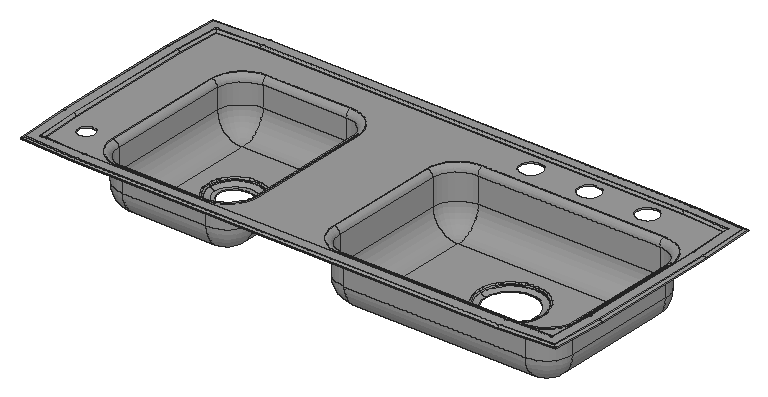
Revit family "equip-sink-clsrm-elkay-dbl-lustrtne-l", category Plumbing Fixtures, Revit 2019
Family settings
  Round Connector Dimension = Use Radius
  Part Type = Normal
  OmniClass Number = 23.45.05.14.14.27
  OmniClass Title = Service Sinks
  Work Plane-Based = Yes
  Always vertical = Yes
  Cut with Voids When Loaded = No
  Shared = No
  Room Calculation Point = No
Parameters (values of type "DRKAD371740L")
  URL = "www.elkayusa.com"
  Specification Sheet URL = "http://www.elkayusa.com/cps/rde/xbcr/elkay/01-22G_DRKR(Q)3717_DRKAD(Q)3717.pdf"
  Sink Width = 1' - 5"
  Sink Material = Metal - Steel - Stainless - Chrome
  Sink Length = 3' - 1 1/4"
  Sink Ledge Sides Width = 0' - 4"
  Sink Ledge Right Width Hidden = if(Sink Ledge Right Width > 0' 1 1/2", Sink Ledge Right Width, 0' 1 1/2")  # 0' - 1 1/2"
  Sink Ledge Right Width = if(Right Faucet   Left Bubbler, 0' 1 1/2", 0' 4 1/2")  # 0' - 1 1/2"
  Sink Ledge Left Width Hidden = if(Sink Ledge Left Width > 0' 1 1/2", Sink Ledge Left Width, 0' 1 1/2")  # 0' - 4 1/2"
  Sink Ledge Left Width = if(Left Faucet   Right Bubbler, 0' 1 1/2", 0' 4 1/2")  # 0' - 4 1/2"
  Sink Ledge Front Width Hidden = if(Sink Ledge Front Width > 0' 1 1/2", Sink Ledge Front Width, 0' 1 1/2")  # 0' - 1 1/2"
  Sink Ledge Front Width = 0' - 1 1/2"
  Sink Ledge Back Width Right Hidden = if(Right Bowl Ledge Back Width > 0' 1 1/2", Right Bowl Ledge Back Width, 0' 1 1/2")  # 0' - 4"
  Sink Ledge Back Width Left Hidden = if(Left Bowl Ledge Back Width > 0' 1 1/2", Left Bowl Ledge Back Width, 0' 1 1/2")  # 0' - 3 1/2"
  Right Bowl Ledge Back Width = 0' - 4"
  Right Faucet   Left Bubbler = yes
  Right Faucet Hole Top = if(Right Faucet   Left Bubbler, 0' 0 1/2", 0' 0 1/8")  # 0' - 0 1/2"
  Right Bowl Depth = 0' - 4"
  Left Faucet Hole Top = if(Left Faucet   Right Bubbler, 0' 0 1/2", 0' 0 1/8")  # 0' - 0 1/8"
  Left Edge to CL Partition = if(Right Faucet   Left Bubbler, 1' 4 3/4", (0' 1 1/2" + 1' 4" + (Partition Width / 2)))  # 1' - 4 3/4"
  Left Bowl Width = (Sink Width - Sink Ledge Front Width - Left Bowl Ledge Back Width)  # 1' - 0"
  Left Bowl Drain Location = 0' - 6"
  Left Bowl Depth = 0' - 3 5/8"
  Equal Sized Bowl Formula = ((Sink Length - Sink Ledge Left Width - Sink Ledge Right Width - Partition Width) / 2)  # 1' - 0 5/8"
  Sanitary Flow Rate = 10 GPM
  Partition Width = 0' - 6"
  OmniClass Title = "Service Sinks"
  OmniClass Code = "23.45.05.14.14.27"
  Sanitary Nominal Radius = Sanitary Nominal Dia / 2  # 0' - 0 3/4"
  Sanitary Nominal Dia = 0' - 1 1/2"
  Model = "DRKAD3717L"
  Minimum Cabinet Width = ""
  MasterFormat Title = "Commercial Sinks"
  MasterFormat Number = "22.42.16.16"
  Manufacturer = "Elkay Manufacturing"
  Left Faucet   Right Bubbler = not(Right Faucet   Left Bubbler)  # no
  Installation Sheet URL = ""
  Right Bowl Drain Location = 0' - 5"
  Description = "Lustertone Classroom Double Bowl Sink"
  Default Elevation = 3' - 0"
  Deep Specification Sheet URL = ""
  Date Created = "2011-05-05"
  Left Bowl Length = (Sink Length - Right Bowl Length - Sink Ledge Left Width - Partition Width - Sink Ledge Right Width)  # 0' - 9 1/4"
  Right Bowl Length = ((Sink Length - Left Edge to CL Partition - Sink Ledge Right Width) - (Partition Width / 2))  # 1' - 4"
  Right Bowl Width = (Sink Width - Sink Ledge Front Width - Right Bowl Ledge Back Width)  # 0' - 11 1/2"
  Left Bowl Ledge Back Width = 0' - 3 1/2"
  Assembly Code = "D2010410"
Types (2): name | Right Bowl Depth | Model | Right Bowl Drain Location | Description | Default Elevation | Date Created
  DRKR3717L | 0' - 7 5/8" | "DRKR3717L" | 0' - 5 3/4" | "Lustertone Double Bowl Sink" | 4' - 0" | "2011-04-23"
  DRKAD371740L | 0' - 4" | "DRKAD3717L" | 0' - 5" | "Lustertone Classroom Double Bowl Sink" | 3' - 0" | "2011-05-05"
Reference planes (in)
  plane 1 "CL Sink Hole": y = -0.5
  plane 2 "Sink Deck": z = 0
  plane 3 "Center (Left/Right)": x = 0
  plane 4 "Basin Edge Left": x = -14.125
  plane 5 "Basin Edge Right": x = 17.125
  plane 6 "Back Right Bowl Edge": y = 4.5
  plane 7 "Basin Edge Front": y = -7
  plane 8 "Left": x = -18.625
  plane 9 "Right": x = 18.625
  plane 10 "Back": y = 8.5
  plane 11 "Front": y = -8.5
  plane 12 "Sink Angle Back Corner": y = 8.3125
  plane 13 "Sink Angle Right Corner": x = 18.4375
  plane 14 "Sink Angle Right": x = 14.625
  plane 15 "Sink Angle Back": y = 4.5
  plane 16 "Sink Angle Left": x = -14.625
  plane 17 "Sink Angle Left Corner": x = -18.4375
  plane 18 "Sink Angle Front Corner": y = -8.3125
  plane 19 "Sink Angle Front": y = -4.5
  plane 20 "Edge Opening Right": x = 17.546875
  plane 21 "Edge Opening Left": x = -14.546875
  plane 22 "Sink Bowl Bottom (Top Face)": z = -3.5047681
  plane 23 "Sink Top Piece Bottom Face": z = -0.0625
  plane 24 "Left Sink Bottom Piece Right Edge": x = -6.5625
  plane 25 "Top Radius Corner Prot": z = -0.421875
  plane 26: z = -1.8172681
  plane 27 "Sink Bowl Bottom (Bottom Face)": z = -3.5672681
  plane 28 "Left Sink Bottom Piece Left Edge": x = -12.4375
  plane 29 "Sink Bottom Piece Right Edge": x = 15.4375
  plane 30 "Sink Bottom Piece Back Edge": y = 2.8125
  plane 31 "Sink Bottom Piece Front Edge": y = -5.3125
  plane 32 "Center (Front/Back)": y = 0
  plane 33 "CL PARTITION": x = -1.875
  plane 34 "LEFT BOWL RIGHT EDGE": x = -4.875
  plane 35 "RIGHT BOWL LEFT EDGE": x = 1.125
  plane 36 "Sink Bottom Piece Left Edge": x = 2.8125
  plane 37 "Left Bowl CL Drain": x = -9.5
  plane 38 "Right Bowl CL Drain": x = 9.125
  plane 39 "Left Sink Top Right Radius Out Edge": x = -4.453125
  plane 40 "Edge Opening Front": y = -7.421875
  plane 41 "Right Sink Right Edge Radius": x = 15.375
  plane 42 "Front Edge Bottom Edge Radius": y = -5.25
  plane 43 "Right Sink Left Bottom Edge Radius": x = 2.875
  plane 44 "Back Edge Bottom Edge Radius": y = 2.75
  plane 45 "Middle Right Edge": x = 0.703125
  plane 46 "Back Right Edge Opening": y = 4.921875
  plane 47 "Left Bowl Right Edge Bottom Radius": x = -6.625
  plane 48 "Left Bowl Bottom Edge Radius": x = -12.375
  plane 49 "Masking Region": z = 1.2515695
  plane 50 "Sink Drain Elev Bottom": z = -5.0047681
  plane 51 "Sink Drain Elev Top": z = -4.7547681
  plane 52 "Sink Angle Right Inside Corner": x = 17.6175507
  plane 53 "Sink Angle Back Inside Corner": y = 7.4925507
  plane 54 "Sink Angle Front Inside Corner": y = -7.4925507
  plane 55 "Sink Angle Left Inside Corner": x = -17.6175507
  plane 56 "Sink Angle Right Inside Offset Corner": x = 17.4761143
  plane 57 "Sink Angle Back Inside Offset Corner": y = 7.3511143
  plane 58 "Sink Angle Front Inside Offset Corner": y = -7.3511143
  plane 59 "Sink Angle Inside Offset Corner": x = -17.4761143
  plane 60 "Right Bowl Bottom Top Face": z = -3.8797681
  plane 61 "Right Bowl Bottom Bottom Face": z = -3.9422681
  plane 62 "Right Bowl Bottom Top of Radius": z = -2.1922681
  plane 63 "Right Sink Drain Elev Bottom": z = -5.3797681
  plane 64 "Right Sink Drain Top Elev": z = -5.1297681
  plane 65 "Faucet Hole Bottom": z = -0.25
  plane 66 "Left Faucet Hole Top": z = -0.125
  plane 67 "Faucet Hole CL Front/Back": y = 6.25
  plane 68 "Left Faucet Hole 1": x = -13.5
  plane 69 "Left Faucet Hole 2": x = -9.5
  plane 70 "Left Faucet Hole 3": x = -5.5
  plane 71 "Right Faucet Hole Top": z = 0.25
  plane 72 "Right Faucet Hole 1": x = 5.125
  plane 73 "Right Faucet Hole 2": x = 9.125
  plane 74 "Right Faucet Hole 3": x = 13.125
  plane 75 "Left  Bubbler CL Left/Right": x = -16.125
  plane 76 "Right Bubbler CL Left/Right": x = 16.125
  plane 77 "Bubbler Front CL": y = -5.5
  plane 78 "Back Left Edge Bottom Edge Radius": y = 3.25
  plane 79 "Back Left Bowl Edge": y = 5
  plane 80 "Left Bowl Bottom Piece Back Edge": y = 3.3125
  plane 81 "Back Left Edge Opening": y = 5.421875
  plane 82 "Left Bowl Drain Location": y = -1
  plane 83 "Top of Rim": z = 0.1202319
  plane 84 "Left Bowl Bottom of CSK Top Face": z = -3.795875
Forms (in)
  Extrusion 1, solid, material "Metal - Steel - Stainless - Chrome" <- "Sink Material"
    sketch origin (0, 0, 0) x (1, 0, 0) y (0, 1, 0)
      loop
        arc (-4.453125, 3.25) -> (-5.0892525, 4.7857475) -> (-6.625, 5.421875) r 2.171875
        line (-6.625, 5.421875) -> (-12.375, 5.421875)
        arc (-12.375, 5.421875) -> (-13.9107475, 4.7857475) -> (-14.546875, 3.25) r 2.171875
        line (-14.546875, 3.25) -> (-14.546875, -5.25)
        arc (-14.546875, -5.25) -> (-13.9107475, -6.7857475) -> (-12.375, -7.421875) r 2.171875
        line (-12.375, -7.421875) -> (-6.625, -7.421875)
        arc (-6.625, -7.421875) -> (-5.0892525, -6.7857475) -> (-4.453125, -5.25) r 2.171875
        line (-4.453125, -5.25) -> (-4.453125, 3.25)
      loop
        line (2.875, -7.421875) -> (15.375, -7.421875)
        arc (15.375, -7.421875) -> (16.9107475, -6.7857475) -> (17.546875, -5.25) r 2.171875
        line (17.546875, -5.25) -> (17.546875, 2.75)
        arc (17.546875, 2.75) -> (16.9107475, 4.2857475) -> (15.375, 4.921875) r 2.171875
        line (15.375, 4.921875) -> (2.875, 4.921875)
        arc (2.875, 4.921875) -> (1.3392525, 4.2857475) -> (0.703125, 2.75) r 2.171875
        line (0.703125, 2.75) -> (0.703125, -5.25)
        arc (0.703125, -5.25) -> (1.3392525, -6.7857475) -> (2.875, -7.421875) r 2.171875
      loop
        line (-14.625, 7.4925507) -> (-17.4761143, 7.3511143) -> (-17.6175507, 4.5) -> (-17.6175507, -4.5) -> (-17.4761143, -7.3511143) -> (-14.625, -7.4925507) -> (14.625, -7.4925507) -> (17.4761143, -7.3511143) -> (17.6175507, -4.5) -> (17.6175507, 4.5) -> (17.4761143, 7.3511143) -> (14.625, 7.4925507) -> (-14.625, 7.4925507)
    from -0.0625 to 0
  Extrusion 2, solid, material "Metal - Steel - Stainless - Chrome" <- "Sink Material"
    sketch origin (0, 0, 0) x (1, 0, 0) y (0, 1, 0)
      loop
        arc (-12.4375, -5.25) -> (-12.4191942, -5.2941942) -> (-12.375, -5.3125) r 0.0625
        line (-12.375, -5.3125) -> (-6.625, -5.3125)
        arc (-6.625, -5.3125) -> (-6.5808058, -5.2941942) -> (-6.5625, -5.25) r 0.0625
        line (-6.5625, -5.25) -> (-6.5625, 3.25)
        arc (-6.5625, 3.25) -> (-6.5808058, 3.2941942) -> (-6.625, 3.3125) r 0.0625
        line (-6.625, 3.3125) -> (-12.375, 3.3125)
        arc (-12.375, 3.3125) -> (-12.4191942, 3.2941942) -> (-12.4375, 3.25) r 0.0625
        line (-12.4375, 3.25) -> (-12.4375, -5.25)
      loop
        circle (-9.5, -1) r 1.875
    from -3.5672681 to -3.5047681
  Sweep 3, solid, material "Metal - Steel - Stainless - Chrome" <- "Sink Material"
    path origin (-14.75, 0, -3.5047681) x (-1, 0, 0) y (0, -1, 0)
      loop
        circle (-5.25, 1) r 1.875
    profile "profile-elkay-sink-d36-csk : profile-elkay-sink-d36-csk" origin (-9.5, -2.875, -3.5047681) x (0, 1, 0) y (0, 0, 1)
      loop
        line (0.5, -0.2911069) -> (0.1564602, -0.1343744)
        arc (0.1564602, -0.1343744) -> (0.1424945, -0.125589) -> (0.1313144, -0.1134552) r 0.0625
        line (0.1313144, -0.1134552) -> (0.0881719, -0.0522605)
        arc (0.0881719, -0.0522605) -> (0.0506391, -0.015074) -> (0, 0) r 0.1086
        line (0, 0) -> (0, -0.0461763)
        arc (0, -0.0461763) -> (0.0262058, -0.0541921) -> (0.0464633, -0.0726483) r 0.0625
        line (0.0464633, -0.0726483) -> (0.093406, -0.1396891)
        arc (0.093406, -0.1396891) -> (0.1129384, -0.1609677) -> (0.1373891, -0.1763448) r 0.1086
        line (0.1373891, -0.1763448) -> (0.4916786, -0.3379819) -> (0.8007812, -0.3379819) -> (0.8007812, -0.2911069) -> (0.5, -0.2911069)
  Extrusion 4, solid, material "Metal - Steel - Stainless - Chrome" <- "Sink Material"
    sketch origin (0, 0, 0) x (1, 0, 0) y (0, 1, 0)
      loop
        arc (2.875, 2.8125) -> (2.8308058, 2.7941942) -> (2.8125, 2.75) r 0.0625
        line (2.8125, 2.75) -> (2.8125, -5.25)
        arc (2.8125, -5.25) -> (2.8308058, -5.2941942) -> (2.875, -5.3125) r 0.0625
        line (2.875, -5.3125) -> (15.375, -5.3125)
        arc (15.375, -5.3125) -> (15.4191942, -5.2941942) -> (15.4375, -5.25) r 0.0625
        line (15.4375, -5.25) -> (15.4375, 2.75)
        arc (15.4375, 2.75) -> (15.4191942, 2.7941942) -> (15.375, 2.8125) r 0.0625
        line (15.375, 2.8125) -> (2.875, 2.8125)
      loop
        circle (9.125, -0.5) r 2.25
    from -3.9422681 to -3.8797681
  Sweep 5, solid, material "Metal - Steel - Stainless - Chrome" <- "Sink Material"
    path origin (0, 0, -3.8797681) x (-1, 0, 0) y (0, -1, 0)
      loop
        circle (-9.125, 0.5) r 2.25
    profile "profile-elkay-sink-d4-csk : profile-elkay-sink-d4-csk" origin (9.125, -2.75, -3.8797681) x (0, 1, 0) y (0, 0, 1)
      loop
        line (0.5, -0.2911069) -> (0.1564602, -0.1343744)
        arc (0.1564602, -0.1343744) -> (0.1424945, -0.125589) -> (0.1313144, -0.1134552) r 0.0625
        line (0.1313144, -0.1134552) -> (0.0881719, -0.0522605)
        arc (0.0881719, -0.0522605) -> (0.0506391, -0.015074) -> (0, 0) r 0.1086
        line (0, 0) -> (0, -0.0461763)
        arc (0, -0.0461763) -> (0.0262058, -0.0541921) -> (0.0464633, -0.0726483) r 0.0625
        line (0.0464633, -0.0726483) -> (0.093406, -0.1396891)
        arc (0.093406, -0.1396891) -> (0.1129384, -0.1609677) -> (0.1373891, -0.1763448) r 0.1086
        line (0.1373891, -0.1763448) -> (0.5, -0.3417784) -> (0.5, -0.2911069)
  Sweep 6, solid, material "Metal - Steel - Stainless - Chrome" <- "Sink Material"
    path origin (0, 0, 0) x (1, 0, 0) y (0, 1, 0)
      loop
        line (2.875, -7) -> (15.375, -7)
        arc (15.375, -7) -> (16.6124369, -6.4874369) -> (17.125, -5.25) r 1.75
        line (17.125, -5.25) -> (17.125, 2.75)
        arc (17.125, 2.75) -> (16.6124369, 3.9874369) -> (15.375, 4.5) r 1.75
        line (15.375, 4.5) -> (2.875, 4.5)
        arc (2.875, 4.5) -> (1.6375631, 3.9874369) -> (1.125, 2.75) r 1.75
        line (1.125, 2.75) -> (1.125, -5.25)
        arc (1.125, -5.25) -> (1.6375631, -6.4874369) -> (2.875, -7) r 1.75
    profile origin (9.125, -7, 0) x (0, 1, 0) y (0, 0, 1)
      loop
        arc (0, -0.421875) -> (-0.1235643, -0.1235643) -> (-0.421875, 0) r 0.421875
        line (-0.421875, 0) -> (-0.421875, -0.0625)
        arc (-0.421875, -0.0625) -> (-0.1677585, -0.1677585) -> (-0.0625, -0.421875) r 0.359375
        line (-0.0625, -0.421875) -> (-0.0625, -2.1922681)
        arc (-0.0625, -2.1922681) -> (0.4500631, -3.429705) -> (1.6875, -3.9422681) r 1.75
        line (1.6875, -3.9422681) -> (1.6875, -3.8797681)
        arc (1.6875, -3.8797681) -> (0.4942573, -3.3855108) -> (0, -2.1922681) r 1.6875
        line (0, -2.1922681) -> (0, -0.421875)
  Sweep 7, solid, material "Metal - Steel - Stainless - Chrome" <- "Sink Material"
    path origin (0, 0, 0) x (1, 0, 0) y (0, 1, 0)
      loop
        line (-12.375, -7) -> (-6.625, -7)
        arc (-6.625, -7) -> (-5.3875631, -6.4874369) -> (-4.875, -5.25) r 1.75
        line (-4.875, -5.25) -> (-4.875, 3.25)
        arc (-4.875, 3.25) -> (-5.3875631, 4.4874369) -> (-6.625, 5) r 1.75
        line (-6.625, 5) -> (-12.375, 5)
        arc (-12.375, 5) -> (-13.6124369, 4.4874369) -> (-14.125, 3.25) r 1.75
        line (-14.125, 3.25) -> (-14.125, -5.25)
        arc (-14.125, -5.25) -> (-13.6124369, -6.4874369) -> (-12.375, -7) r 1.75
    profile origin (-9.5, -7, 0) x (0, 1, 0) y (0, 0, 1)
      loop
        arc (0, -0.421875) -> (-0.1235643, -0.1235643) -> (-0.421875, 0) r 0.421875
        line (-0.421875, 0) -> (-0.421875, -0.0625)
        arc (-0.421875, -0.0625) -> (-0.1677585, -0.1677585) -> (-0.0625, -0.421875) r 0.359375
        line (-0.0625, -0.421875) -> (-0.0625, -1.8172681)
        arc (-0.0625, -1.8172681) -> (0.4500631, -3.054705) -> (1.6875, -3.5672681) r 1.75
        line (1.6875, -3.5672681) -> (1.6875, -3.5047681)
        arc (1.6875, -3.5047681) -> (0.4942573, -3.0105108) -> (0, -1.8172681) r 1.6875
        line (0, -1.8172681) -> (0, -0.421875)
  Extrusion 8, solid, material "Glass", not visible
    sketch origin (0, 0, -4.7547681) x (0, -1, 0) y (1, 0, 0)
      loop
        circle (1, -9.5) r 0.75
    from 0 to -0.25
  Extrusion 9, solid, material "Glass", not visible
    sketch origin (0, 0, -4.7547681) x (0, -1, 0) y (1, 0, 0)
      loop
        circle (0.5, 9.125) r 0.75
    from -0.625 to -0.375
  Sweep 10, solid, material "Metal - Steel - Stainless - Chrome" <- "Sink Material"
    path origin (0, 0, 0) x (1, 0, 0) y (0, 1, 0)
      loop
        line (-14.625, -8.5) -> (14.625, -8.5) -> (18.4375, -8.3125) -> (18.625, -4.5) -> (18.625, 4.5) -> (18.4375, 8.3125) -> (14.625, 8.5) -> (-14.625, 8.5) -> (-18.4375, 8.3125) -> (-18.625, 4.5) -> (-18.625, -4.5) -> (-18.4375, -8.3125) -> (-14.625, -8.5)
    profile "profile-elkay-sink-rim-9 : profile-elkay-sink-rim-9" origin (0, -8.5, 0) x (0, 1, 0) y (0, 0, 1)
      loop
        line (0, 0.0163327) -> (0, -0.0360681) -> (0.2039181, 0.0741316) -> (0.8052651, 0.0741316) -> (1.0074493, -0.0546586) -> (1.0074493, 0) -> (0.841093, 0.1059673)
        arc (0.841093, 0.1059673) -> (0.8176388, 0.1165931) -> (0.7921483, 0.1202319) r 0.091102
        line (0.7921483, 0.1202319) -> (0.2153023, 0.1202319)
        arc (0.2153023, 0.1202319) -> (0.1929626, 0.1174506) -> (0.1719868, 0.1092765) r 0.0911081
        line (0.1719868, 0.1092765) -> (0, 0.0163327)
  Extrusion 11, void
    sketch origin (0, 0, 0) x (1, 0, 0) y (0, 1, 0)
      loop
        circle (-13.5, 6.25) r 0.75
    from -0.25 to -0.125
  Extrusion 12, void
    sketch origin (0, 0, 0) x (1, 0, 0) y (0, 1, 0)
      loop
        circle (-9.5, 6.25) r 0.75
    from -0.25 to -0.125
  Extrusion 13, void
    sketch origin (0, 0, 0) x (1, 0, 0) y (0, 1, 0)
      loop
        circle (-5.5, 6.25) r 0.75
    from -0.25 to -0.125
  Extrusion 14, void
    sketch origin (0, 0, 0) x (1, 0, 0) y (0, 1, 0)
      loop
        circle (5.125, 6.25) r 0.75
    from -0.25 to 0.25
  Extrusion 15, void
    sketch origin (0, 0, 0) x (1, 0, 0) y (0, 1, 0)
      loop
        circle (9.125, 6.25) r 0.75
    from -0.25 to 0.25
  Extrusion 16, void
    sketch origin (0, 0, 0) x (1, 0, 0) y (0, 1, 0)
      loop
        circle (13.125, 6.25) r 0.75
    from -0.25 to 0.25
  Extrusion 17, void
    sketch origin (0, 0, 0) x (1, 0, 0) y (0, 1, 0)
      loop
        circle (-16.125, -5.5) r 0.5625
    from -0.25 to 0.25
  Extrusion 18, void
    sketch origin (0, 0, 0) x (1, 0, 0) y (0, 1, 0)
      loop
        circle (16.125, -5.5) r 0.5625
    from -0.25 to -0.125
Cuts and joins
  joined: Extrusion 4, Sweep 5, Sweep 6
  Extrusion 11, Extrusion 12, Extrusion 13, Extrusion 14, Extrusion 15, Extrusion 16, Extrusion 17, Extrusion 18 cuts Extrusion 1
  joined: Extrusion 2, Sweep 3, Sweep 7
Lines and regions (in)
  Masking region 1
    outline origin (0, 0, 1.2515695) x (-1, 0, 0) y (0, -1, 0)
      loop
        line (14.625, -8.5) -> (18.4375, -8.3125) -> (18.625, -4.5) -> (18.625, 4.5) -> (18.4375, 8.3125) -> (14.625, 8.5) -> (-14.625, 8.5) -> (-18.4375, 8.3125) -> (-18.625, 4.5) -> (-18.625, -4.5) -> (-18.4375, -8.3125) -> (-14.625, -8.5) -> (14.625, -8.5)
  reference lines, not visible
    curve 1: line (14.625, 8.5, 0) -> (18.4375, 8.3125, 0)
    curve 2: line (18.4375, 8.3125, 0) -> (18.625, 4.5, 0)
    curve 3: line (-14.625, 8.5, 0) -> (-18.4375, 8.3125, 0)
    curve 4: line (-18.4375, 8.3125, 0) -> (-18.625, 4.5, 0)
    curve 5: line (-18.625, -4.5, 0) -> (-18.4375, -8.3125, 0)
    curve 6: line (-18.4375, -8.3125, 0) -> (-14.625, -8.5, 0)
    curve 7: line (18.625, -4.5, 0) -> (18.4375, -8.3125, 0)
    curve 8: line (18.4375, -8.3125, 0) -> (14.625, -8.5, 0)
    curve 9: arc (-4.875, -0.5, -1.8172681) -> (-5.3692573, -0.5, -3.0105108) -> (-6.5625, -0.5, -3.5047681) r 1.6875
    curve 10: arc (-14.125, -0.5, -1.8172681) -> (-13.6307427, -0.5, -3.0105108) -> (-12.4375, -0.5, -3.5047681) r 1.6875
    curve 11: arc (-4.875, -0.5, -0.421875) -> (-4.7514357, -0.5, -0.1235643) -> (-4.453125, -0.5, 0) r 0.421875
    curve 12: arc (0, -5.3125, -3.5047681) -> (0, -6.5057427, -3.0105108) -> (0, -7, -1.8172681) r 1.6875
    curve 13: arc (0, -7, -0.421875) -> (0, -7.1235643, -0.1235643) -> (0, -7.421875, 0) r 0.421875
    curve 14: arc (15.4375, 2.75, 0) -> (15.4191942, 2.7941942, 0) -> (15.375, 2.8125, 0) r 0.0625
    curve 15: arc (2.8125, 2.75, 0) -> (2.8308058, 2.7941942, 0) -> (2.875, 2.8125, 0) r 0.0625
    curve 16: arc (2.875, -5.3125, 0) -> (2.8308058, -5.2941942, 0) -> (2.8125, -5.25, 0) r 0.0625
    curve 17: arc (15.4375, -5.25, 0) -> (15.4191942, -5.2941942, 0) -> (15.375, -5.3125, 0) r 0.0625
    curve 18: arc (2.875, 4.5, 0) -> (1.6375631, 3.9874369, 0) -> (1.125, 2.75, 0) r 1.75
    curve 19: arc (17.125, 2.75, 0) -> (16.6124369, 3.9874369, 0) -> (15.375, 4.5, 0) r 1.75
    curve 20: arc (17.125, -5.25, 0) -> (16.6124369, -6.4874369, 0) -> (15.375, -7, 0) r 1.75
    curve 21: arc (2.875, -7, 0) -> (1.6375631, -6.4874369, 0) -> (1.125, -5.25, 0) r 1.75
    curve 23: arc (0.703125, 2.75, 0) -> (1.3392525, 4.2857475, 0) -> (2.875, 4.921875, 0) r 2.171875
    curve 24: arc (0.703125, -5.25, 0) -> (1.3392525, -6.7857475, 0) -> (2.875, -7.421875, 0) r 2.171875
    curve 25: arc (-6.5625, -5.25, 0) -> (-6.5808058, -5.2941942, 0) -> (-6.625, -5.3125, 0) r 0.0625
    curve 26: arc (-4.453125, -5.25, 0) -> (-5.0892525, -6.7857475, 0) -> (-6.625, -7.421875, 0) r 2.171875
    curve 28: arc (-12.375, -5.3125, 0) -> (-12.4191942, -5.2941942, 0) -> (-12.4375, -5.25, 0) r 0.0625
    curve 30: arc (-14.125, -5.25, 0) -> (-13.6124369, -6.4874369, 0) -> (-12.375, -7, 0) r 1.75
    curve 31: arc (-4.875, -5.25, 0) -> (-5.3875631, -6.4874369, 0) -> (-6.625, -7, 0) r 1.75
    curve 43: circle (9.125, -0.5, 0) r 1.75 normal (0, 0, 1)
    curve 44: circle (9.125, -0.5, 0) r 2.25 normal (0, 0, 1)
    curve 47: circle (9.125, -0.5, -5.3797681) r 0.75 normal (0, 0, 1)
    curve 57: arc (-6.5625, 3.25, 0) -> (-6.5808058, 3.2941942, 0) -> (-6.625, 3.3125, 0) r 0.0625
    curve 58: arc (-12.4375, 3.25, 0) -> (-12.4191942, 3.2941942, 0) -> (-12.375, 3.3125, 0) r 0.0625
    curve 59: arc (-14.125, 3.25, 0) -> (-13.6124369, 4.4874369, 0) -> (-12.375, 5, 0) r 1.75
    curve 60: arc (-14.546875, 3.25, 0) -> (-13.9107475, 4.7857475, 0) -> (-12.375, 5.421875, 0) r 2.171875
    curve 61: arc (-4.875, 3.25, 0) -> (-5.3875631, 4.4874369, 0) -> (-6.625, 5, 0) r 1.75
    curve 62: arc (-4.453125, 3.25, 0) -> (-5.0892525, 4.7857475, 0) -> (-6.625, 5.421875, 0) r 2.171875
  reference lines
    curve 22: arc (17.546875, 2.75, 0) -> (16.9107475, 4.2857475, 0) -> (15.375, 4.921875, 0) r 2.171875
    curve 27: arc (-12.375, -7.421875, 0) -> (-13.9107475, -6.7857475, 0) -> (-14.546875, -5.25, 0) r 2.171875
    curve 29: arc (17.546875, -5.25, 0) -> (16.9107475, -6.7857475, 0) -> (15.375, -7.421875, 0) r 2.171875
    curve 48: line (17.6175507, -4.5, 0) -> (17.4761143, -7.3511143, 0)
    curve 49: line (14.625, -7.4925507, 0) -> (17.4761143, -7.3511143, 0)
    curve 50: line (-17.6175507, -4.5, 0) -> (-17.4761143, -7.3511143, 0)
    curve 51: line (17.6175507, 4.5, 0) -> (17.4761143, 7.3511143, 0)
    curve 52: line (17.4761143, 7.3511143, 0) -> (14.625, 7.4925507, 0)
    curve 53: line (-14.625, 7.4925507, 0) -> (-17.4761143, 7.3511143, 0)
    curve 54: line (-17.4761143, 7.3511143, 0) -> (-17.6175507, 4.5, 0)
    curve 55: line (-14.625, -7.4925507, 0) -> (-17.4761143, -7.3511143, 0)
    curve 56: arc (0, -5.3125, -3.8797681) -> (0, -6.5057427, -3.3855108) -> (0, -7, -2.1922681) r 1.6875
    curve 66: circle (-9.5, -1, -4.7547681) r 0.75 normal (0, 0, 1)
    curve 67: circle (-9.5, -1, 0) r 1.875 normal (0, 0, 1)
    curve 68: circle (-9.5, -1, 0) r 1.09375 normal (0, 0, 1)
  symbolic lines, style "Sinks"
    curve 32: line (1.125, 2.75, 1.2515695) -> (1.125, -5.25, 1.2515695)
    curve 33: line (17.125, 2.75, 1.2515695) -> (17.125, -5.25, 1.2515695)
    curve 34: line (-12.375, -7, 1.2515695) -> (-6.625, -7, 1.2515695)
    curve 35: arc (-14.125, -5.25, 1.2515695) -> (-13.6124369, -6.4874369, 1.2515695) -> (-12.375, -7, 1.2515695) r 1.75
    curve 36: arc (-4.875, -5.25, 1.2515695) -> (-5.3875631, -6.4874369, 1.2515695) -> (-6.625, -7, 1.2515695) r 1.75
    curve 37: arc (2.875, -7, 1.2515695) -> (1.6375631, -6.4874369, 1.2515695) -> (1.125, -5.25, 1.2515695) r 1.75
    curve 38: arc (17.125, -5.25, 1.2515695) -> (16.6124369, -6.4874369, 1.2515695) -> (15.375, -7, 1.2515695) r 1.75
    curve 39: arc (17.125, 2.75, 1.2515695) -> (16.6124369, 3.9874369, 1.2515695) -> (15.375, 4.5, 1.2515695) r 1.75
    curve 40: arc (2.875, 4.5, 1.2515695) -> (1.6375631, 3.9874369, 1.2515695) -> (1.125, 2.75, 1.2515695) r 1.75
    curve 41: line (2.875, 4.5, 1.2515695) -> (15.375, 4.5, 1.2515695)
    curve 42: line (2.875, -7, 1.2515695) -> (15.375, -7, 1.2515695)
    curve 45: circle (9.125, -0.5, 1.2515695) r 1.75 normal (0, 0, 1)
    curve 46: circle (9.125, -0.5, 1.2515695) r 2.25 normal (0, 0, 1)
    curve 63: line (-12.375, 5, 1.2515695) -> (-6.625, 5, 1.2515695)
    curve 64: arc (-4.875, 3.25, 1.2515695) -> (-5.3875631, 4.4874369, 1.2515695) -> (-6.625, 5, 1.2515695) r 1.75
    curve 65: arc (-14.125, 3.25, 1.2515695) -> (-13.6124369, 4.4874369, 1.2515695) -> (-12.375, 5, 1.2515695) r 1.75
    curve 69: circle (-9.5, -1, 1.2515695) r 1.09375 normal (0, 0, 1)
    curve 70: circle (-9.5, -1, 1.2515695) r 1.875 normal (0, 0, 1)
    curve 71: line (-14.125, 3.25, 1.2515695) -> (-14.125, -5.25, 1.2515695)
    curve 72: line (-4.875, 3.25, 1.2515695) -> (-4.875, -5.25, 1.2515695)
    curve 81: circle (-9.5, -1, 0) r 1.4492187 normal (0, 0, 1)
    curve 82: line (14.625, -7.4925507, 1.2515695) -> (-14.625, -7.4925507, 1.2515695)
    curve 83: line (17.6175507, 4.5, 1.2515695) -> (17.6175507, -4.5, 1.2515695)
    curve 84: line (-17.6175507, -4.5, 1.2515695) -> (-17.6175507, 4.5, 1.2515695)
    curve 85: line (17.6175507, -4.5, 1.2515695) -> (17.4761143, -7.3511143, 1.2515695)
    curve 86: line (14.625, -7.4925507, 1.2515695) -> (17.4761143, -7.3511143, 1.2515695)
    curve 87: line (-14.625, -7.4925507, 1.2515695) -> (-17.4761143, -7.3511143, 1.2515695)
    curve 88: line (-17.6175507, -4.5, 1.2515695) -> (-17.4761143, -7.3511143, 1.2515695)
    curve 89: line (17.6175507, 4.5, 1.2515695) -> (17.4761143, 7.3511143, 1.2515695)
    curve 90: line (17.4761143, 7.3511143, 1.2515695) -> (14.625, 7.4925507, 1.2515695)
    curve 91: line (-14.625, 7.4925507, 1.2515695) -> (14.625, 7.4925507, 1.2515695)
    curve 92: line (-14.625, 7.4925507, 1.2515695) -> (-17.4761143, 7.3511143, 1.2515695)
    curve 93: line (-17.4761143, 7.3511143, 1.2515695) -> (-17.6175507, 4.5, 1.2515695)
  symbolic lines, style "Sinks", visible <- "Right Faucet   Left Bubbler"
    curve 73: circle (13.125, 6.25, 0) r 0.75 normal (0, 0, 1)
    curve 74: circle (5.125, 6.25, 0) r 0.75 normal (0, 0, 1)
    curve 77: circle (-16.125, -5.5, 0) r 0.5625 normal (0, 0, 1)
    curve 80: circle (9.125, 6.25, 0) r 0.75 normal (0, 0, 1)
  symbolic lines, style "Sinks", visible <- "Left Faucet   Right Bubbler"
    curve 75: circle (-13.5, 6.25, 0) r 0.75 normal (0, 0, 1)
    curve 76: circle (-5.5, 6.25, 0) r 0.75 normal (0, 0, 1)
    curve 78: circle (16.125, -5.5, 0) r 0.5625 normal (0, 0, 1)
    curve 79: circle (-9.5, 6.25, 0) r 0.75 normal (0, 0, 1)
Dimensions and locks (in)
  "Sink Ledge Left Width Hidden": plane 8 "Left" to plane 4 "Basin Edge Left"
  "Sink Ledge Right Width Hidden": plane 5 "Basin Edge Right" to plane 9 "Right"
  "Sink Length": plane 8 "Left" to plane 9 "Right"
  "Right Bowl Drain Location": plane 6 "Back Right Bowl Edge" to plane 1 "CL Sink Hole"
  "Sink Ledge Back Width Right Hidden": plane 10 "Back" to plane 6 "Back Right Bowl Edge"
  "Sink Ledge Front Width Hidden": plane 7 "Basin Edge Front" to plane 11 "Front"
  locked: plane 13 "Sink Angle Right Corner" to plane 9 "Right" at 0.1875
  locked: plane 10 "Back" to plane 12 "Sink Angle Back Corner" at 0.1875
  locked: plane 14 "Sink Angle Right" to plane 9 "Right" at 4
  locked: plane 10 "Back" to plane 15 "Sink Angle Back" at 4
  locked: plane 8 "Left" to plane 17 "Sink Angle Left Corner" at 0.1875
  locked: plane 8 "Left" to plane 16 "Sink Angle Left" at 4
  locked: plane 18 "Sink Angle Front Corner" to plane 11 "Front" at 0.1875
  locked: plane 19 "Sink Angle Front" to plane 11 "Front" at 4
  "Sink Width": plane 10 "Back" to plane 11 "Front"
  locked: plane 21 "Edge Opening Left" to plane 4 "Basin Edge Left" at 0.421875
  locked: plane 31 "Sink Bottom Piece Front Edge" to plane 7 "Basin Edge Front" at 1.6875
  locked: plane 4 "Basin Edge Left" to plane 28 "Left Sink Bottom Piece Left Edge" at 1.6875
  locked: plane 29 "Sink Bottom Piece Right Edge" to plane 5 "Basin Edge Right" at 1.6875
  locked: plane 6 "Back Right Bowl Edge" to plane 30 "Sink Bottom Piece Back Edge" at 1.6875
  locked: plane 5 "Basin Edge Right" to plane 20 "Edge Opening Right" at 0.421875
  equal spacing: plane 10 "Back", plane 32 "Center (Front/Back)", plane 11 "Front"
  locked: plane 24 "Left Sink Bottom Piece Right Edge" to plane 34 "LEFT BOWL RIGHT EDGE" at 1.6875
  locked: plane 35 "RIGHT BOWL LEFT EDGE" to plane 36 "Sink Bottom Piece Left Edge" at 1.6875
  equal spacing: plane 8 "Left", plane 3 "Center (Left/Right)", plane 9 "Right"
  equal spacing: plane 4 "Basin Edge Left", plane 37 "Left Bowl CL Drain", plane 34 "LEFT BOWL RIGHT EDGE"
  equal spacing: plane 35 "RIGHT BOWL LEFT EDGE", plane 38 "Right Bowl CL Drain", plane 5 "Basin Edge Right"
  "Left Edge to CL Partition": plane 8 "Left" to plane 33 "CL PARTITION"
  "Partition Width": plane 34 "LEFT BOWL RIGHT EDGE" to plane 35 "RIGHT BOWL LEFT EDGE"
  equal spacing: plane 34 "LEFT BOWL RIGHT EDGE", plane 33 "CL PARTITION", plane 35 "RIGHT BOWL LEFT EDGE"
  locked: plane 34 "LEFT BOWL RIGHT EDGE" to plane 39 "Left Sink Top Right Radius Out Edge" at 0.421875
  locked: plane 41 "Right Sink Right Edge Radius" to plane 29 "Sink Bottom Piece Right Edge" at 0.0625
  locked: plane 42 "Front Edge Bottom Edge Radius" to plane 31 "Sink Bottom Piece Front Edge" at 0.0625
  locked: plane 36 "Sink Bottom Piece Left Edge" to plane 43 "Right Sink Left Bottom Edge Radius" at 0.0625
  locked: plane 30 "Sink Bottom Piece Back Edge" to plane 44 "Back Edge Bottom Edge Radius" at 0.0625
  locked: plane 45 "Middle Right Edge" to plane 35 "RIGHT BOWL LEFT EDGE" at 0.421875
  locked: plane 46 "Back Right Edge Opening" to plane 6 "Back Right Bowl Edge" at 0.421875
  locked: plane 7 "Basin Edge Front" to plane 40 "Edge Opening Front" at 0.421875
  locked: plane 47 "Left Bowl Right Edge Bottom Radius" to plane 24 "Left Sink Bottom Piece Right Edge" at 0.0625
  locked: plane 28 "Left Sink Bottom Piece Left Edge" to plane 48 "Left Bowl Bottom Edge Radius" at 0.0625
  "Left Bowl Depth": plane 83 "Top of Rim" to plane 22 "Sink Bowl Bottom (Top Face)"
  locked: plane 2 "Sink Deck" to plane 25 "Top Radius Corner Prot" at 0.421875
  locked: plane 2 "Sink Deck" to plane 23 "Sink Top Piece Bottom Face" at 0.0625
  locked: plane 26 to plane 22 "Sink Bowl Bottom (Top Face)" at 1.6875
  locked: plane 22 "Sink Bowl Bottom (Top Face)" to plane 27 "Sink Bowl Bottom (Bottom Face)" at 0.0625
  locked: plane 49 "Masking Region" to plane 2 "Sink Deck" at 1.2515695
  locked: plane 22 "Sink Bowl Bottom (Top Face)" to plane 50 "Sink Drain Elev Bottom" at 1.5
  locked: plane 51 "Sink Drain Elev Top" to plane 50 "Sink Drain Elev Bottom" at 0.25
  locked: plane 52 "Sink Angle Right Inside Corner" to plane 9 "Right" at 1.0074493
  locked: plane 8 "Left" to plane 55 "Sink Angle Left Inside Corner" at 1.0074493
  locked: plane 10 "Back" to plane 53 "Sink Angle Back Inside Corner" at 1.0074493
  locked: plane 54 "Sink Angle Front Inside Corner" to plane 11 "Front" at 1.0074493
  locked: plane 56 "Sink Angle Right Inside Offset Corner" to plane 52 "Sink Angle Right Inside Corner" at 0.1414364
  locked: plane 57 "Sink Angle Back Inside Offset Corner" to plane 53 "Sink Angle Back Inside Corner" at 0.1414364
  locked: plane 54 "Sink Angle Front Inside Corner" to plane 58 "Sink Angle Front Inside Offset Corner" at 0.1414364
  locked: plane 55 "Sink Angle Left Inside Corner" to plane 59 "Sink Angle Inside Offset Corner" at 0.1414364
  locked: plane 62 "Right Bowl Bottom Top of Radius" to plane 60 "Right Bowl Bottom Top Face" at 1.6875
  locked: plane 60 "Right Bowl Bottom Top Face" to plane 61 "Right Bowl Bottom Bottom Face" at 0.0625
  "Right Bowl Depth": plane 83 "Top of Rim" to plane 60 "Right Bowl Bottom Top Face"
  locked: plane 64 "Right Sink Drain Top Elev" to plane 63 "Right Sink Drain Elev Bottom" at 0.25
  locked: plane 60 "Right Bowl Bottom Top Face" to plane 63 "Right Sink Drain Elev Bottom" at 1.5
  locked: plane 10 "Back" to plane 67 "Faucet Hole CL Front/Back" at 2.25
  locked: plane 68 "Left Faucet Hole 1" to plane 37 "Left Bowl CL Drain" at 4
  locked: plane 68 "Left Faucet Hole 1" to plane 69 "Left Faucet Hole 2" at 4
  locked: plane 68 "Left Faucet Hole 1" to plane 70 "Left Faucet Hole 3" at 8
  locked: plane 2 "Sink Deck" to plane 65 "Faucet Hole Bottom" at 0.25
  "Left Faucet Hole Top": plane 66 "Left Faucet Hole Top" to plane 65 "Faucet Hole Bottom"
  "Right Faucet Hole Top": plane 71 "Right Faucet Hole Top" to plane 65 "Faucet Hole Bottom"
  locked: plane 72 "Right Faucet Hole 1" to plane 38 "Right Bowl CL Drain" at 4
  locked: plane 72 "Right Faucet Hole 1" to plane 73 "Right Faucet Hole 2" at 4
  locked: plane 72 "Right Faucet Hole 1" to plane 74 "Right Faucet Hole 3" at 8
  locked: plane 76 "Right Bubbler CL Left/Right" to plane 9 "Right" at 2.5
  locked: plane 8 "Left" to plane 75 "Left  Bubbler CL Left/Right" at 2.5
  locked: plane 77 "Bubbler Front CL" to plane 11 "Front" at 3
  locked: plane 78 "Back Left Edge Bottom Edge Radius" to plane 80 "Left Bowl Bottom Piece Back Edge" at 0.0625
  locked: plane 79 "Back Left Bowl Edge" to plane 80 "Left Bowl Bottom Piece Back Edge" at 1.6875
  locked: plane 81 "Back Left Edge Opening" to plane 79 "Back Left Bowl Edge" at 0.421875
  "Sink Ledge Back Width Left Hidden": plane 10 "Back" to plane 79 "Back Left Bowl Edge"
  "Left Bowl Drain Location": plane 79 "Back Left Bowl Edge" to plane 82 "Left Bowl Drain Location"
  locked: plane 83 "Top of Rim" to plane 2 "Sink Deck" at 0.1202319
  locked: plane 84 "Left Bowl Bottom of CSK Top Face" to plane 22 "Sink Bowl Bottom (Top Face)" at 0.2911069
  "Sanitary Nominal Radius": radius of curve 47
  aligned: Extrusion 1 to plane 23 "Sink Top Piece Bottom Face"
  aligned and locked: Extrusion 2 to plane 27 "Sink Bowl Bottom (Bottom Face)"
  aligned and locked: plane 22 "Sink Bowl Bottom (Top Face)" to Extrusion 2
  aligned: Extrusion 4 to plane 22 "Sink Bowl Bottom (Top Face)"
  aligned: Extrusion 4 to plane 27 "Sink Bowl Bottom (Bottom Face)"
  aligned: plane 22 "Sink Bowl Bottom (Top Face)" to Extrusion 4
  aligned and locked: Extrusion 4 sketch curve to curve 17
  aligned and locked: Extrusion 4 sketch curve to curve 14
  aligned and locked: Extrusion 4 sketch curve to curve 15
  aligned and locked: Extrusion 4 sketch curve to curve 16
  aligned and locked: Sweep 6 sketch curve to curve 18
  aligned and locked: Sweep 6 sketch curve to curve 19
  aligned and locked: Sweep 6 sketch curve to curve 20
  aligned and locked: Sweep 6 sketch curve to curve 21
  aligned and locked: Sweep 6 sketch curve to curve 13
  aligned and locked: Extrusion 1 sketch curve to curve 23
  aligned and locked: Extrusion 1 sketch curve to curve 27
  aligned and locked: Extrusion 1 sketch curve to curve 26
  aligned and locked: Extrusion 1 sketch curve to curve 24
  aligned and locked: Extrusion 1 sketch curve to curve 22
  aligned and locked: Extrusion 1 sketch curve to curve 29
  aligned and locked: Extrusion 2 sketch curve to curve 25
  aligned and locked: Extrusion 2 sketch curve to curve 28
  aligned and locked: Sweep 7 sketch curve to curve 31
  aligned and locked: Sweep 7 sketch curve to curve 30
  aligned and locked: Sweep 7 sketch curve to curve 13
  aligned and locked: Sweep 7 sketch curve to curve 12
  aligned and locked: Sweep 7 sketch curve to plane 40 "Edge Opening Front"
  aligned and locked: Sweep 7 sketch curve to plane 31 "Sink Bottom Piece Front Edge"
  aligned and locked: Extrusion 1 to plane 2 "Sink Deck"
  aligned and locked: Extrusion 1 to plane 23 "Sink Top Piece Bottom Face"
  aligned and locked: curve 35 to curve 30
  aligned and locked: curve 36 to curve 31
  aligned and locked: curve 37 to curve 21
  aligned and locked: curve 38 to curve 20
  aligned and locked: curve 39 to curve 19
  aligned and locked: curve 40 to curve 18
  aligned and locked: Sweep 5 sketch curve to curve 44
  aligned and locked: Extrusion 4 sketch curve to curve 44
  aligned and locked: curve 45 to curve 43
  aligned and locked: curve 46 to curve 44
  aligned and locked: Extrusion 8 to plane 50 "Sink Drain Elev Bottom"
  aligned and locked: plane 51 "Sink Drain Elev Top" to Extrusion 8
  aligned and locked: Extrusion 9 sketch curve to curve 47
  aligned: Extrusion 9 to plane 50 "Sink Drain Elev Bottom"
  aligned: plane 51 "Sink Drain Elev Top" to Extrusion 9
  aligned and locked: Sweep 10 sketch curve to plane 11 "Front"
  aligned and locked: Sweep 10 sketch curve to plane 9 "Right"
  aligned and locked: Sweep 10 sketch curve to plane 10 "Back"
  aligned and locked: Sweep 10 sketch curve to plane 8 "Left"
  aligned and locked: Sweep 10 sketch curve to curve 4
  aligned and locked: Sweep 10 sketch curve to curve 5
  aligned and locked: Sweep 10 sketch curve to curve 7
  aligned and locked: Sweep 10 sketch curve to curve 8
  aligned and locked: Sweep 10 sketch curve to curve 2
  aligned and locked: Sweep 10 sketch curve to curve 1
  aligned and locked: Sweep 10 sketch curve to curve 3
  aligned and locked: Sweep 10 sketch curve to curve 6
  aligned and locked: Extrusion 1 sketch curve to plane 53 "Sink Angle Back Inside Corner"
  aligned and locked: Extrusion 1 sketch curve to plane 55 "Sink Angle Left Inside Corner"
  aligned and locked: Extrusion 1 sketch curve to plane 52 "Sink Angle Right Inside Corner"
  aligned and locked: Extrusion 1 sketch curve to plane 54 "Sink Angle Front Inside Corner"
  aligned and locked: Extrusion 1 sketch curve to curve 55
  aligned and locked: Extrusion 1 sketch curve to curve 50
  aligned and locked: Extrusion 1 sketch curve to curve 53
  aligned and locked: Extrusion 1 sketch curve to curve 54
  aligned and locked: Extrusion 1 sketch curve to curve 52
  aligned and locked: Extrusion 1 sketch curve to curve 51
  aligned and locked: Extrusion 1 sketch curve to curve 48
  aligned and locked: Extrusion 1 sketch curve to curve 49
  aligned and locked: Sweep 6 sketch curve to curve 56
  aligned and locked: plane 60 "Right Bowl Bottom Top Face" to cut or joined group of Extrusion 4, Sweep 5, Sweep 6
  aligned and locked: cut or joined group of Extrusion 4, Sweep 5, Sweep 6 to plane 61 "Right Bowl Bottom Bottom Face"
  aligned and locked: plane 64 "Right Sink Drain Top Elev" to Extrusion 9
  aligned and locked: Extrusion 9 to plane 63 "Right Sink Drain Elev Bottom"
  aligned and locked: Extrusion 13 to plane 65 "Faucet Hole Bottom"
  aligned and locked: Extrusion 12 to plane 65 "Faucet Hole Bottom"
  aligned and locked: Extrusion 11 to plane 65 "Faucet Hole Bottom"
  aligned and locked: plane 66 "Left Faucet Hole Top" to Extrusion 11
  aligned and locked: plane 66 "Left Faucet Hole Top" to Extrusion 12
  aligned and locked: plane 66 "Left Faucet Hole Top" to Extrusion 13
  aligned and locked: Extrusion 16 to plane 65 "Faucet Hole Bottom"
  aligned and locked: Extrusion 15 to plane 65 "Faucet Hole Bottom"
  aligned and locked: Extrusion 14 to plane 65 "Faucet Hole Bottom"
  aligned and locked: plane 71 "Right Faucet Hole Top" to Extrusion 16
  aligned and locked: plane 71 "Right Faucet Hole Top" to Extrusion 15
  aligned and locked: plane 71 "Right Faucet Hole Top" to Extrusion 14
  aligned and locked: Extrusion 17 to plane 65 "Faucet Hole Bottom"
  aligned: plane 66 "Left Faucet Hole Top" to Extrusion 17
  aligned and locked: Extrusion 18 to plane 65 "Faucet Hole Bottom"
  aligned: plane 71 "Right Faucet Hole Top" to Extrusion 18
  aligned and locked: plane 66 "Left Faucet Hole Top" to Extrusion 18
  aligned and locked: plane 71 "Right Faucet Hole Top" to Extrusion 17
  aligned and locked: Sweep 7 sketch curve to curve 59
  aligned and locked: Sweep 7 sketch curve to curve 61
  aligned and locked: Extrusion 2 sketch curve to curve 58
  aligned and locked: Extrusion 2 sketch curve to curve 57
  aligned and locked: curve 64 to curve 61
  aligned and locked: curve 65 to curve 59
  aligned and locked: Extrusion 1 sketch curve to curve 62
  aligned and locked: Extrusion 1 sketch curve to curve 60
  aligned and locked: Extrusion 8 sketch curve to curve 66
  aligned and locked: Sweep 3 sketch curve to curve 67
  aligned and locked: Extrusion 2 sketch curve to curve 67
  aligned and locked: curve 69 to curve 68
  aligned and locked: curve 70 to curve 67
  aligned and locked: Masking region 1 sketch curve to plane 10 "Back"
  aligned and locked: Masking region 1 sketch curve to plane 8 "Left"
  aligned and locked: Masking region 1 sketch curve to plane 9 "Right"
  aligned and locked: Masking region 1 sketch curve to plane 11 "Front"
  aligned and locked: Masking region 1 sketch curve to curve 6
  aligned and locked: Masking region 1 sketch curve to curve 5
  aligned and locked: Masking region 1 sketch curve to curve 4
  aligned and locked: Masking region 1 sketch curve to curve 3
  aligned and locked: Masking region 1 sketch curve to curve 1
  aligned and locked: Masking region 1 sketch curve to curve 2
  aligned and locked: Masking region 1 sketch curve to curve 7
  aligned and locked: Masking region 1 sketch curve to curve 8
  aligned and locked: plane 42 "Front Edge Bottom Edge Radius" to curve 36
  aligned and locked: plane 42 "Front Edge Bottom Edge Radius" to curve 35
  aligned and locked: curve 89 to cut or joined group 1 (Extrusion 1, Extrusion 11, Extrusion 12, Extrusion 13, Extrusion 14, Extrusion 15, Extrusion 16, Extrusion 17, Extrusion 18)
  aligned and locked: curve 93 to cut or joined group 1
Automatic sketch dimensions
  curve 10 to plane 4 "Basin Edge Left" = 0' - 0"
  curve 10 to plane 26 = 0' - 0"
  curve 10 to plane 28 "Left Sink Bottom Piece Left Edge" = 0' - 0"
  curve 9 to plane 22 "Sink Bowl Bottom (Top Face)" = 0' - 0"
  curve 9 to plane 24 "Left Sink Bottom Piece Right Edge" = 0' - 0"
  curve 11 to plane 25 "Top Radius Corner Prot" = 0' - 0"
  curve 11 to plane 34 "LEFT BOWL RIGHT EDGE" = 0' - 0"
  curve 9 to plane 26 = 0' - 0"
  curve 11 to plane 39 "Left Sink Top Right Radius Out Edge" = 0' - 0"
  Sweep 6 sketch curve to Sweep 6 sketch curve = 0' - 0"  (x2)
  Sweep 7 sketch curve to Sweep 7 sketch curve = 0' - 0"  (x2)
  profile plane to Sweep 7 sketch curve = 0' - 0 1/16"
  curve 13 to level = 0' - 0"
  curve 13 to plane 40 "Edge Opening Front" = 0' - 0"
  curve 12 to plane 7 "Basin Edge Front" = 0' - 0"
  curve 13 to plane 7 "Basin Edge Front" = 0' - 0"
  curve 56 to plane 7 "Basin Edge Front" = 0' - 0"
  curve 56 to plane 31 "Sink Bottom Piece Front Edge" = 0' - 0"
  curve 12 to plane 26 = 0' - 0"
  curve 12 to plane 31 "Sink Bottom Piece Front Edge" = 0' - 0"
  curve 56 to plane 60 "Right Bowl Bottom Top Face" = 0' - 0"
  profile plane to Sweep 6 sketch curve = 0' - 0 1/16"
  plane 1 "CL Sink Hole" to curve 47 = 0' - 0"
  curve 47 to plane 38 "Right Bowl CL Drain" = 0' - 0"
  Extrusion 11 sketch curve to plane 67 "Faucet Hole CL Front/Back" = 0' - 0"
  Extrusion 11 sketch curve to plane 68 "Left Faucet Hole 1" = 0' - 0"
  Extrusion 12 sketch curve to plane 67 "Faucet Hole CL Front/Back" = 0' - 0"
  Extrusion 12 sketch curve to plane 69 "Left Faucet Hole 2" = 0' - 0"
  Extrusion 13 sketch curve to plane 67 "Faucet Hole CL Front/Back" = 0' - 0"
  Extrusion 13 sketch curve to plane 70 "Left Faucet Hole 3" = 0' - 0"
  Extrusion 15 sketch curve to plane 67 "Faucet Hole CL Front/Back" = 0' - 0"
  Extrusion 15 sketch curve to plane 73 "Right Faucet Hole 2" = 0' - 0"
  Extrusion 16 sketch curve to plane 67 "Faucet Hole CL Front/Back" = 0' - 0"
  Extrusion 16 sketch curve to plane 74 "Right Faucet Hole 3" = 0' - 0"
  Extrusion 17 sketch curve to plane 75 "Left  Bubbler CL Left/Right" = 0' - 0"
  Extrusion 17 sketch curve to plane 77 "Bubbler Front CL" = 0' - 0"
  Extrusion 18 sketch curve to plane 76 "Right Bubbler CL Left/Right" = 0' - 0"
  Extrusion 18 sketch curve to plane 77 "Bubbler Front CL" = 0' - 0"
  Extrusion 14 sketch curve to plane 67 "Faucet Hole CL Front/Back" = 0' - 0"
  Extrusion 14 sketch curve to plane 72 "Right Faucet Hole 1" = 0' - 0"
  curve 66 to plane 37 "Left Bowl CL Drain" = 0' - 0"
  plane 82 "Left Bowl Drain Location" to curve 66 = 0' - 0"
  curve 77 to plane 75 "Left  Bubbler CL Left/Right" = 0' - 0"
  curve 75 to plane 67 "Faucet Hole CL Front/Back" = 0' - 0"
  curve 75 to plane 68 "Left Faucet Hole 1" = 0' - 0"
  curve 79 to plane 37 "Left Bowl CL Drain" = 0' - 0"
  curve 81 to plane 37 "Left Bowl CL Drain" = 0' - 0"
  curve 76 to plane 67 "Faucet Hole CL Front/Back" = 0' - 0"
  curve 76 to plane 70 "Left Faucet Hole 3" = 0' - 0"
  curve 74 to plane 67 "Faucet Hole CL Front/Back" = 0' - 0"
  curve 74 to plane 72 "Right Faucet Hole 1" = 0' - 0"
  curve 80 to plane 38 "Right Bowl CL Drain" = 0' - 0"
  curve 73 to plane 67 "Faucet Hole CL Front/Back" = 0' - 0"
  curve 73 to plane 74 "Right Faucet Hole 3" = 0' - 0"
  curve 78 to plane 76 "Right Bubbler CL Left/Right" = 0' - 0"
  curve 77 to plane 77 "Bubbler Front CL" = 0' - 0"
  curve 78 to plane 77 "Bubbler Front CL" = 0' - 0"
  plane 82 "Left Bowl Drain Location" to curve 81 = 0' - 0"
  curve 79 to plane 67 "Faucet Hole CL Front/Back" = 0' - 0"
  curve 80 to plane 67 "Faucet Hole CL Front/Back" = 0' - 0"
  plane 19 "Sink Angle Front" to curve 85 = 0' - 0"
  curve 85 to plane 52 "Sink Angle Right Inside Corner" = 0' - 0"
  curve 85 to plane 56 "Sink Angle Right Inside Offset Corner" = 0' - 0"
  curve 90 to plane 56 "Sink Angle Right Inside Offset Corner" = 0' - 0"
  curve 82 to plane 14 "Sink Angle Right" = 0' - 0"
  curve 91 to plane 14 "Sink Angle Right" = 0' - 0"
  curve 82 to plane 16 "Sink Angle Left" = 0' - 0"
  curve 92 to plane 16 "Sink Angle Left" = 0' - 0"
  curve 92 to plane 59 "Sink Angle Inside Offset Corner" = 0' - 0"
  curve 88 to plane 58 "Sink Angle Front Inside Offset Corner" = 0' - 0"
  curve 87 to plane 59 "Sink Angle Inside Offset Corner" = 0' - 0"
  curve 84 to plane 19 "Sink Angle Front" = 0' - 0"
  curve 88 to plane 55 "Sink Angle Left Inside Corner" = 0' - 0"
  curve 92 to plane 53 "Sink Angle Back Inside Corner" = 0' - 0"
  curve 86 to plane 58 "Sink Angle Front Inside Offset Corner" = 0' - 0"
  plane 54 "Sink Angle Front Inside Corner" to curve 82 = 0' - 0"
  curve 14 to curve 19 = 0' - 0"  (x2)
  curve 14 to curve 22 = 0' - 0"  (x2)
  curve 15 to curve 18 = 0' - 0"  (x2)
  curve 15 to curve 23 = 0' - 0"  (x2)
  curve 16 to curve 21 = 0' - 0"  (x2)
  curve 16 to curve 24 = 0' - 0"  (x2)
  curve 17 to curve 20 = 0' - 0"  (x2)
  curve 17 to curve 29 = 0' - 0"  (x2)
  curve 18 to curve 23 = 0' - 0"  (x2)
  curve 19 to curve 22 = 0' - 0"  (x2)
  curve 20 to curve 29 = 0' - 0"  (x2)
  curve 21 to curve 24 = 0' - 0"  (x2)
  curve 25 to curve 26 = 0' - 0"  (x2)
  curve 25 to curve 31 = 0' - 0"  (x2)
  curve 26 to curve 31 = 0' - 0"  (x2)
  curve 27 to curve 28 = 0' - 0"  (x2)
  curve 27 to curve 30 = 0' - 0"  (x2)
  curve 28 to curve 30 = 0' - 0"  (x2)
  curve 43 to curve 44 = 0' - 0"  (x2)
  curve 57 to curve 61 = 0' - 0"  (x2)
  curve 57 to curve 62 = 0' - 0"  (x2)
  curve 58 to curve 59 = 0' - 0"  (x2)
  curve 58 to curve 60 = 0' - 0"  (x2)
  curve 59 to curve 60 = 0' - 0"  (x2)
  curve 61 to curve 62 = 0' - 0"  (x2)
  curve 67 to curve 68 = 0' - 0"  (x2)
  curve 5 to plane 8 "Left" = 0' - 0"
  curve 4 to plane 8 "Left" = 0' - 0"
  curve 5 to plane 17 "Sink Angle Left Corner" = 0' - 0"
  curve 3 to plane 12 "Sink Angle Back Corner" = 0' - 0"
  curve 3 to plane 17 "Sink Angle Left Corner" = 0' - 0"
  curve 54 to plane 15 "Sink Angle Back" = 0' - 0"
  curve 54 to plane 55 "Sink Angle Left Inside Corner" = 0' - 0"
  curve 50 to plane 19 "Sink Angle Front" = 0' - 0"
  curve 50 to plane 55 "Sink Angle Left Inside Corner" = 0' - 0"
  plane 57 "Sink Angle Back Inside Offset Corner" to curve 53 = 0' - 0"
  curve 53 to plane 59 "Sink Angle Inside Offset Corner" = 0' - 0"
  curve 55 to plane 58 "Sink Angle Front Inside Offset Corner" = 0' - 0"
  curve 55 to plane 59 "Sink Angle Inside Offset Corner" = 0' - 0"
  curve 53 to plane 16 "Sink Angle Left" = 0' - 0"
  curve 3 to plane 10 "Back" = 0' - 0"
  curve 3 to plane 16 "Sink Angle Left" = 0' - 0"
  curve 55 to plane 16 "Sink Angle Left" = 0' - 0"
  curve 6 to plane 11 "Front" = 0' - 0"
  curve 6 to plane 16 "Sink Angle Left" = 0' - 0"
  curve 27 to plane 21 "Edge Opening Left" = 0' - 0"
  curve 60 to plane 21 "Edge Opening Left" = 0' - 0"
  curve 30 to plane 4 "Basin Edge Left" = 0' - 0"
  curve 59 to plane 4 "Basin Edge Left" = 0' - 0"
  curve 28 to plane 28 "Left Sink Bottom Piece Left Edge" = 0' - 0"
  curve 58 to plane 28 "Left Sink Bottom Piece Left Edge" = 0' - 0"
  plane 42 "Front Edge Bottom Edge Radius" to curve 27 = 0' - 0"
  curve 27 to plane 48 "Left Bowl Bottom Edge Radius" = 0' - 0"
  curve 58 to plane 48 "Left Bowl Bottom Edge Radius" = 0' - 0"
  curve 68 to plane 37 "Left Bowl CL Drain" = 0' - 0"
  curve 57 to plane 47 "Left Bowl Right Edge Bottom Radius" = 0' - 0"
  curve 31 to plane 7 "Basin Edge Front" = 0' - 0"
  curve 31 to plane 47 "Left Bowl Right Edge Bottom Radius" = 0' - 0"
  curve 57 to plane 24 "Left Sink Bottom Piece Right Edge" = 0' - 0"
  curve 25 to plane 24 "Left Sink Bottom Piece Right Edge" = 0' - 0"
  curve 61 to plane 34 "LEFT BOWL RIGHT EDGE" = 0' - 0"
  curve 31 to plane 34 "LEFT BOWL RIGHT EDGE" = 0' - 0"
  curve 62 to plane 39 "Left Sink Top Right Radius Out Edge" = 0' - 0"
  curve 26 to plane 39 "Left Sink Top Right Radius Out Edge" = 0' - 0"
  plane 42 "Front Edge Bottom Edge Radius" to curve 24 = 0' - 0"
  curve 24 to plane 45 "Middle Right Edge" = 0' - 0"
  plane 44 "Back Edge Bottom Edge Radius" to curve 23 = 0' - 0"
  curve 23 to plane 45 "Middle Right Edge" = 0' - 0"
  curve 18 to plane 35 "RIGHT BOWL LEFT EDGE" = 0' - 0"
  curve 21 to plane 35 "RIGHT BOWL LEFT EDGE" = 0' - 0"
  curve 15 to plane 36 "Sink Bottom Piece Left Edge" = 0' - 0"
  curve 16 to plane 36 "Sink Bottom Piece Left Edge" = 0' - 0"
  curve 21 to plane 7 "Basin Edge Front" = 0' - 0"
  curve 15 to plane 43 "Right Sink Left Bottom Edge Radius" = 0' - 0"
  plane 1 "CL Sink Hole" to curve 43 = 0' - 0"
  curve 43 to plane 38 "Right Bowl CL Drain" = 0' - 0"
  curve 49 to plane 14 "Sink Angle Right" = 0' - 0"
  curve 8 to plane 11 "Front" = 0' - 0"
  curve 8 to plane 14 "Sink Angle Right" = 0' - 0"
  curve 52 to plane 14 "Sink Angle Right" = 0' - 0"
  curve 1 to plane 10 "Back" = 0' - 0"
  curve 1 to plane 14 "Sink Angle Right" = 0' - 0"
  curve 19 to plane 41 "Right Sink Right Edge Radius" = 0' - 0"
  curve 29 to plane 41 "Right Sink Right Edge Radius" = 0' - 0"
  curve 14 to plane 29 "Sink Bottom Piece Right Edge" = 0' - 0"
  curve 17 to plane 29 "Sink Bottom Piece Right Edge" = 0' - 0"
  curve 19 to plane 5 "Basin Edge Right" = 0' - 0"
  curve 20 to plane 5 "Basin Edge Right" = 0' - 0"
  curve 52 to plane 56 "Sink Angle Right Inside Offset Corner" = 0' - 0"
  curve 48 to plane 56 "Sink Angle Right Inside Offset Corner" = 0' - 0"
  curve 29 to plane 20 "Edge Opening Right" = 0' - 0"
  curve 22 to plane 20 "Edge Opening Right" = 0' - 0"
  curve 51 to plane 15 "Sink Angle Back" = 0' - 0"
  curve 51 to plane 52 "Sink Angle Right Inside Corner" = 0' - 0"
  plane 19 "Sink Angle Front" to curve 48 = 0' - 0"
  curve 48 to plane 52 "Sink Angle Right Inside Corner" = 0' - 0"
  plane 12 "Sink Angle Back Corner" to curve 1 = 0' - 0"
  curve 1 to plane 13 "Sink Angle Right Corner" = 0' - 0"
  curve 8 to plane 13 "Sink Angle Right Corner" = 0' - 0"
  curve 2 to plane 9 "Right" = 0' - 0"
  curve 7 to plane 9 "Right" = 0' - 0"
  curve 7 to plane 18 "Sink Angle Front Corner" = 0' - 0"
  curve 5 to plane 18 "Sink Angle Front Corner" = 0' - 0"
  plane 54 "Sink Angle Front Inside Corner" to curve 49 = 0' - 0"
  plane 54 "Sink Angle Front Inside Corner" to curve 55 = 0' - 0"
  curve 29 to plane 40 "Edge Opening Front" = 0' - 0"
  curve 49 to plane 58 "Sink Angle Front Inside Offset Corner" = 0' - 0"
  plane 19 "Sink Angle Front" to curve 7 = 0' - 0"
  curve 5 to plane 19 "Sink Angle Front" = 0' - 0"
  plane 82 "Left Bowl Drain Location" to curve 68 = 0' - 0"
  plane 44 "Back Edge Bottom Edge Radius" to curve 14 = 0' - 0"
  plane 78 "Back Left Edge Bottom Edge Radius" to curve 57 = 0' - 0"
  plane 78 "Back Left Edge Bottom Edge Radius" to curve 58 = 0' - 0"
  curve 2 to plane 15 "Sink Angle Back" = 0' - 0"
  curve 4 to plane 15 "Sink Angle Back" = 0' - 0"
  plane 57 "Sink Angle Back Inside Offset Corner" to curve 52 = 0' - 0"
  curve 53 to plane 53 "Sink Angle Back Inside Corner" = 0' - 0"
  curve 52 to plane 53 "Sink Angle Back Inside Corner" = 0' - 0"
  radius of Extrusion 11 sketch curve = 0' - 0 3/4"
  radius of Extrusion 12 sketch curve = 0' - 0 3/4"
  radius of Extrusion 13 sketch curve = 0' - 0 3/4"
  radius of Extrusion 15 sketch curve = 0' - 0 3/4"
  radius of Extrusion 16 sketch curve = 0' - 0 3/4"
  radius of Extrusion 17 sketch curve = 0' - 0 9/16"
  radius of Extrusion 18 sketch curve = 0' - 0 9/16"
  radius of Extrusion 14 sketch curve = 0' - 0 3/4"
  radius of curve 66 = 0' - 0 3/4"
  radius of curve 73 = 0' - 0 3/4"
  radius of curve 74 = 0' - 0 3/4"
  radius of curve 75 = 0' - 0 3/4"
  radius of curve 76 = 0' - 0 3/4"
  radius of curve 77 = 0' - 0 9/16"
  radius of curve 78 = 0' - 0 9/16"
  radius of curve 79 = 0' - 0 3/4"
  radius of curve 80 = 0' - 0 3/4"
  radius of curve 81 = 0' - 1 115/256"
  radius of curve 43 = 0' - 1 3/4"
  radius of curve 44 = 0' - 2 1/4"
  radius of curve 67 = 0' - 1 7/8"
  radius of curve 68 = 0' - 1 3/32"
Connectors (in)
  piping at (-9.5, -1, -4.7547681), diameter 1.5, driven by "Sanitary Nominal Radius", driven by "Sanitary Flow Rate"
    settings: on Extrusion 8, index 1, connector inside diameter 1 1/2", connector length 0' - 0", flow factor 0, pipe flow 10 GPM, pressure drop 0.00 psi, fitting loss kfactor 0, connector angle 0.00°, fixture units 0, engagement length 0' - 0", angle of deflection 0.00°, flow configuration 1, flow direction 2, fitting loss method 0, system type 16, joint type 0, gender type 0, connector reference index -1, connector utility 0, adjustable connector yes, is connector primary no, connector description "Sink Drain Left"
  piping at (9.125, -0.5, -5.1297681), diameter 1.5, driven by "Sanitary Nominal Radius", driven by "Sanitary Flow Rate"
    settings: on Extrusion 9, index 2, connector inside diameter 1 1/2", connector length 0' - 0", flow factor 0, pipe flow 10 GPM, pressure drop 0.00 psi, fitting loss kfactor 0, connector angle 0.00°, fixture units 0, engagement length 0' - 0", angle of deflection 0.00°, flow configuration 1, flow direction 2, fitting loss method 0, system type 16, joint type 0, gender type 0, connector reference index -1, connector utility 0, adjustable connector yes, is connector primary yes, connector description "Sink Drain Right"
